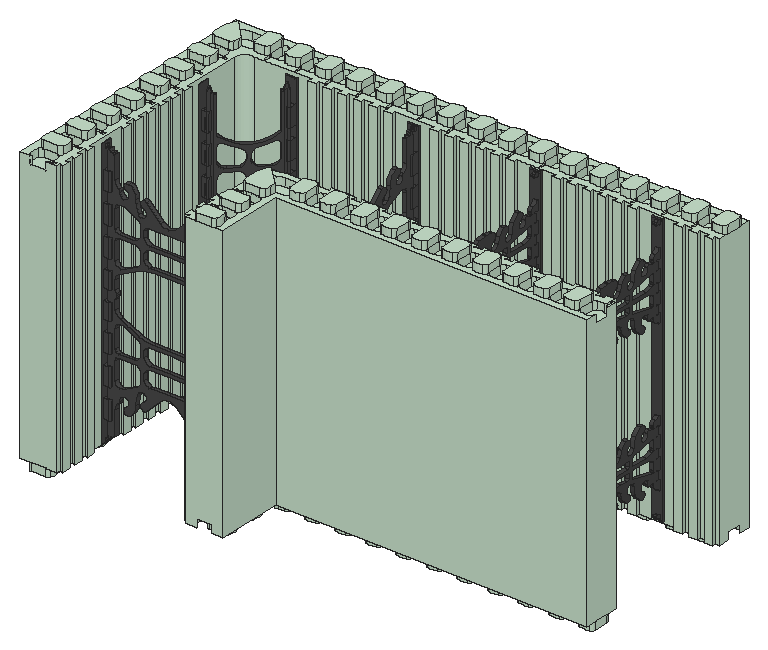
Revit family (continued)
Definition of nested family "8-inch Web"
  Forms (in)
    Extrusion 1, solid, material "Polypropylene"
      sketch origin (0, 0, -0.5) x (0, 1, 0) y (0, 0, 1)
        loop
          line (-1.13325, 12.93471) -> (-0.99061, 13.32155)
          arc (-0.99061, 13.32155) -> (-0.48493, 13.48968) -> (-0.55907, 12.96196) r 0.31353
          arc (-0.55907, 12.96196) -> (-0.73529, 12.69795) -> (-0.53596, 12.45092) r 0.26801
          arc (-0.53596, 12.45092) -> (-0.30102, 12.40366) -> (-0.06182, 12.38886) r 1.75402
          arc (-0.06182, 12.38886) -> (-0.03091, 12.38893) -> (0, 12.38954) r 1.75402
          arc (0, 12.38954) -> (0.03091, 12.38893) -> (0.06182, 12.38886) r 1.75402
          arc (0.06182, 12.38886) -> (0.30102, 12.40366) -> (0.53596, 12.45092) r 1.75402
          arc (0.53596, 12.45092) -> (0.73529, 12.69795) -> (0.55907, 12.96196) r 0.26801
          arc (0.55907, 12.96196) -> (0.48493, 13.48968) -> (0.99061, 13.32155) r 0.31353
          line (0.99061, 13.32155) -> (1.13325, 12.93471)
          arc (1.13325, 12.93471) -> (1.27447, 12.72144) -> (1.47916, 12.56805) r 0.74993
          arc (1.47916, 12.56805) -> (1.7612, 12.66395) -> (1.68267, 12.95131) r 0.21738
          arc (1.68267, 12.95131) -> (1.64814, 13.4949) -> (2.13361, 13.24792) r 0.31353
          arc (2.13361, 13.24792) -> (2.18004, 12.92936) -> (2.26931, 12.62005) r 2.36477
          arc (2.26931, 12.62005) -> (2.42388, 12.38359) -> (2.66153, 12.23085) r 0.67666
          arc (2.66153, 12.23085) -> (2.94751, 12.3534) -> (2.82496, 12.63938) r 0.22
          arc (2.82496, 12.63938) -> (2.80729, 13.20461) -> (3.25886, 12.86419) r 0.31353
          arc (3.25886, 12.86419) -> (3.28181, 12.76256) -> (3.38367, 12.74066) r 0.09677
          arc (3.38367, 12.74066) -> (3.54907, 12.79485) -> (3.72137, 12.81946) r 0.99729
          line (3.72137, 12.81946) -> (3.83556, 12.81946) -> (3.83556, 12.74943) -> (3.77832, 12.74943)
          arc (3.77832, 12.74943) -> (3.73413, 12.73112) -> (3.71582, 12.68693) r 0.0625
          line (3.71582, 12.68693) -> (3.71582, 12.61943)
          arc (3.71582, 12.61943) -> (3.7617, 12.47509) -> (3.88249, 12.38373) r 0.25
          arc (3.88249, 12.38373) -> (4.01183, 12.31528) -> (4.11582, 12.21232) r 0.5
          line (4.11582, 12.21232) -> (4.185, 12.21232) -> (4.185, 12.81193)
          arc (4.185, 12.81193) -> (4.16669, 12.76774) -> (4.1225, 12.74943) r 0.0625
          line (4.1225, 12.74943) -> (3.91022, 12.74943) -> (3.91022, 12.81946) -> (4.02082, 12.81946) -> (4.02082, 13.31943) -> (3.91022, 13.31943) -> (3.91022, 13.38943) -> (4.1225, 13.38943)
          arc (4.1225, 13.38943) -> (4.16669, 13.37112) -> (4.185, 13.32693) r 0.0625
          line (4.185, 13.32693) -> (4.185, 14.11193)
          arc (4.185, 14.11193) -> (4.16669, 14.06774) -> (4.1225, 14.04943) r 0.0625
          line (4.1225, 14.04943) -> (3.91022, 14.04943) -> (3.91022, 14.11943) -> (4.02082, 14.11943) -> (4.02082, 14.61943) -> (3.91022, 14.61943) -> (3.91022, 14.68943) -> (4.1225, 14.68943)
          arc (4.1225, 14.68943) -> (4.16669, 14.67112) -> (4.185, 14.62693) r 0.0625
          line (4.185, 14.62693) -> (4.185, 15.41193)
          arc (4.185, 15.41193) -> (4.16669, 15.36774) -> (4.1225, 15.34943) r 0.0625
          line (4.1225, 15.34943) -> (3.91022, 15.34943) -> (3.91022, 15.41943) -> (4.02082, 15.41943)
        loop
          arc (3.61722, 14.5911) -> (3.66725, 14.61172) -> (3.72082, 14.61943) r 0.21872
          line (3.72082, 14.61943) -> (3.83556, 14.61943) -> (3.83556, 14.68943) -> (3.77832, 14.68943)
          arc (3.77832, 14.68943) -> (3.73413, 14.70774) -> (3.71582, 14.75193) r 0.0625
          line (3.71582, 14.75193) -> (3.71582, 15.28693)
          arc (3.71582, 15.28693) -> (3.73413, 15.33112) -> (3.77832, 15.34943) r 0.0625
          line (3.77832, 15.34943) -> (3.83556, 15.34943) -> (3.83556, 15.41943) -> (3.72082, 15.41943)
          arc (3.72082, 15.41943) -> (2.8612, 15.22018) -> (1.99577, 15.04787) r 28.25303
          arc (1.99577, 15.04787) -> (1.93696, 15.01354) -> (1.91377, 14.9495) r 0.1
          line (1.91377, 14.9495) -> (1.91377, 14.56474)
          arc (1.91377, 14.56474) -> (1.94303, 14.49405) -> (2.0137, 14.46474) r 0.1
          line (2.0137, 14.46474) -> (3.1681, 14.46396)
          arc (3.1681, 14.46396) -> (3.39912, 14.5047) -> (3.61722, 14.5911) r 1.15974
        loop
          line (3.72082, 13.31943) -> (3.83556, 13.31943) -> (3.83556, 13.38943) -> (3.77832, 13.38943)
          arc (3.77832, 13.38943) -> (3.73413, 13.40774) -> (3.71582, 13.45193) r 0.0625
          line (3.71582, 13.45193) -> (3.71582, 13.98693)
          arc (3.71582, 13.98693) -> (3.73413, 14.03112) -> (3.77832, 14.04943) r 0.0625
          line (3.77832, 14.04943) -> (3.83556, 14.04943) -> (3.83556, 14.11943) -> (3.72082, 14.11943)
          arc (3.72082, 14.11943) -> (3.66725, 14.12714) -> (3.61722, 14.14776) r 0.21872
          arc (3.61722, 14.14776) -> (3.39912, 14.23416) -> (3.1681, 14.2749) r 1.15974
          line (3.1681, 14.2749) -> (2.0137, 14.2749)
          arc (2.0137, 14.2749) -> (1.94303, 14.24481) -> (1.91377, 14.17412) r 0.1
          line (1.91377, 14.17412) -> (1.91377, 13.78936)
          arc (1.91377, 13.78936) -> (1.93696, 13.72532) -> (1.99577, 13.69099) r 0.1
          arc (1.99577, 13.69099) -> (2.8612, 13.51868) -> (3.72082, 13.31943) r 28.25303
        loop
          line (4.185, 18.01497) -> (4.185, 18.26376)
          arc (4.185, 18.26376) -> (4.18086, 18.24855) -> (4.16957, 18.23754) r 0.03
          line (4.16957, 18.23754) -> (4.00043, 18.14357)
          arc (4.00043, 18.14357) -> (3.98914, 18.13256) -> (3.985, 18.11735) r 0.03
          line (3.985, 18.11735) -> (3.985, 18.04614)
          arc (3.985, 18.04614) -> (3.99126, 18.03161) -> (4.00611, 18.02617) r 0.02
          line (4.00611, 18.02617) -> (4.16389, 18.03494)
          arc (4.16389, 18.03494) -> (4.17874, 18.0295) -> (4.185, 18.01497) r 0.02
        loop
          arc (-4.185, 18.01497) -> (-4.17874, 18.0295) -> (-4.16389, 18.03494) r 0.02
          line (-4.16389, 18.03494) -> (-4.00611, 18.02617)
          arc (-4.00611, 18.02617) -> (-3.99126, 18.03161) -> (-3.985, 18.04614) r 0.02
          line (-3.985, 18.04614) -> (-3.985, 18.11735)
          arc (-3.985, 18.11735) -> (-3.98914, 18.13256) -> (-4.00043, 18.14357) r 0.03
          line (-4.00043, 18.14357) -> (-4.16957, 18.23754)
          arc (-4.16957, 18.23754) -> (-4.18086, 18.24855) -> (-4.185, 18.26376) r 0.03
          line (-4.185, 18.26376) -> (-4.185, 18.01497)
        loop
          arc (1.64262, 14.9857) -> (1.3631, 14.94624) -> (1.0811, 14.93338) r 2.98393
          line (1.0811, 14.93338) -> (0.43422, 14.93338)
          arc (0.43422, 14.93338) -> (0.1999, 14.69906) -> (0.43422, 14.46474) r 0.23432
          line (0.43422, 14.46474) -> (1.66127, 14.46474)
          arc (1.66127, 14.46474) -> (1.73198, 14.49403) -> (1.76127, 14.56474) r 0.1
          line (1.76127, 14.56474) -> (1.76127, 14.88745)
          arc (1.76127, 14.88745) -> (1.72505, 14.96447) -> (1.64262, 14.9857) r 0.1
        loop
          arc (1.64262, 13.75316) -> (1.72505, 13.77439) -> (1.76127, 13.85141) r 0.1
          line (1.76127, 13.85141) -> (1.76127, 14.17412)
          arc (1.76127, 14.17412) -> (1.73198, 14.24483) -> (1.66127, 14.27412) r 0.1
          line (1.66127, 14.27412) -> (0.43422, 14.27412)
          arc (0.43422, 14.27412) -> (0.1999, 14.0398) -> (0.43422, 13.80548) r 0.23432
          line (0.43422, 13.80548) -> (1.0811, 13.80548)
          arc (1.0811, 13.80548) -> (1.3631, 13.79262) -> (1.64262, 13.75316) r 2.98393
        loop
          arc (-3.61722, 14.5911) -> (-3.39912, 14.5047) -> (-3.1681, 14.46396) r 1.15974
          line (-3.1681, 14.46396) -> (-2.0137, 14.46474)
          arc (-2.0137, 14.46474) -> (-1.94303, 14.49405) -> (-1.91377, 14.56474) r 0.1
          line (-1.91377, 14.56474) -> (-1.91377, 14.9495)
          arc (-1.91377, 14.9495) -> (-1.93696, 15.01354) -> (-1.99577, 15.04787) r 0.1
          arc (-1.99577, 15.04787) -> (-2.8612, 15.22018) -> (-3.72082, 15.41943) r 28.25303
          line (-3.72082, 15.41943) -> (-3.83556, 15.41943) -> (-3.83556, 15.34943) -> (-3.77832, 15.34943)
          arc (-3.77832, 15.34943) -> (-3.73413, 15.33112) -> (-3.71582, 15.28693) r 0.0625
          line (-3.71582, 15.28693) -> (-3.71582, 14.75193)
          arc (-3.71582, 14.75193) -> (-3.73413, 14.70774) -> (-3.77832, 14.68943) r 0.0625
          line (-3.77832, 14.68943) -> (-3.83556, 14.68943) -> (-3.83556, 14.61943) -> (-3.72082, 14.61943)
          arc (-3.72082, 14.61943) -> (-3.66725, 14.61172) -> (-3.61722, 14.5911) r 0.21872
        loop
          arc (-3.72082, 13.31943) -> (-2.8612, 13.51868) -> (-1.99577, 13.69099) r 28.25303
          arc (-1.99577, 13.69099) -> (-1.93696, 13.72532) -> (-1.91377, 13.78936) r 0.1
          line (-1.91377, 13.78936) -> (-1.91377, 14.17412)
          arc (-1.91377, 14.17412) -> (-1.94303, 14.24481) -> (-2.0137, 14.2749) r 0.1
          line (-2.0137, 14.2749) -> (-3.1681, 14.2749)
          arc (-3.1681, 14.2749) -> (-3.39912, 14.23416) -> (-3.61722, 14.14776) r 1.15974
          arc (-3.61722, 14.14776) -> (-3.66725, 14.12714) -> (-3.72082, 14.11943) r 0.21872
          line (-3.72082, 14.11943) -> (-3.83556, 14.11943) -> (-3.83556, 14.04943) -> (-3.77832, 14.04943)
          arc (-3.77832, 14.04943) -> (-3.73413, 14.03112) -> (-3.71582, 13.98693) r 0.0625
          line (-3.71582, 13.98693) -> (-3.71582, 13.45193)
          arc (-3.71582, 13.45193) -> (-3.73413, 13.40774) -> (-3.77832, 13.38943) r 0.0625
          line (-3.77832, 13.38943) -> (-3.83556, 13.38943) -> (-3.83556, 13.31943) -> (-3.72082, 13.31943)
        loop
          arc (-1.64262, 14.9857) -> (-1.72505, 14.96447) -> (-1.76127, 14.88745) r 0.1
          line (-1.76127, 14.88745) -> (-1.76127, 14.56474)
          arc (-1.76127, 14.56474) -> (-1.73198, 14.49403) -> (-1.66127, 14.46474) r 0.1
          line (-1.66127, 14.46474) -> (-0.43422, 14.46474)
          arc (-0.43422, 14.46474) -> (-0.1999, 14.69906) -> (-0.43422, 14.93338) r 0.23432
          line (-0.43422, 14.93338) -> (-1.0811, 14.93338)
          arc (-1.0811, 14.93338) -> (-1.3631, 14.94624) -> (-1.64262, 14.9857) r 2.98393
        loop
          arc (-1.64262, 13.75316) -> (-1.3631, 13.79262) -> (-1.0811, 13.80548) r 2.98393
          line (-1.0811, 13.80548) -> (-0.43422, 13.80548)
          arc (-0.43422, 13.80548) -> (-0.1999, 14.0398) -> (-0.43422, 14.27412) r 0.23432
          line (-0.43422, 14.27412) -> (-1.66127, 14.27412)
          arc (-1.66127, 14.27412) -> (-1.73198, 14.24483) -> (-1.76127, 14.17412) r 0.1
          line (-1.76127, 14.17412) -> (-1.76127, 13.85141)
          arc (-1.76127, 13.85141) -> (-1.72505, 13.77439) -> (-1.64262, 13.75316) r 0.1
        loop
          line (4.02082, 3.58057) -> (3.91022, 3.58057) -> (3.91022, 3.65057) -> (4.1225, 3.65057)
          arc (4.1225, 3.65057) -> (4.16669, 3.63226) -> (4.185, 3.58807) r 0.0625
          line (4.185, 3.58807) -> (4.185, 4.37307)
          arc (4.185, 4.37307) -> (4.16669, 4.32888) -> (4.1225, 4.31057) r 0.0625
          line (4.1225, 4.31057) -> (3.91022, 4.31057) -> (3.91022, 4.38057) -> (4.02082, 4.38057) -> (4.02082, 4.88057) -> (3.91022, 4.88057) -> (3.91022, 4.95057) -> (4.1225, 4.95057)
          arc (4.1225, 4.95057) -> (4.16669, 4.93226) -> (4.185, 4.88807) r 0.0625
          line (4.185, 4.88807) -> (4.185, 5.67307)
          arc (4.185, 5.67307) -> (4.16669, 5.62888) -> (4.1225, 5.61057) r 0.0625
          line (4.1225, 5.61057) -> (3.91022, 5.61057) -> (3.91022, 5.68057) -> (4.02082, 5.68057) -> (4.02082, 6.18054) -> (3.91022, 6.18054) -> (3.91022, 6.25057) -> (4.1225, 6.25057)
          arc (4.1225, 6.25057) -> (4.16669, 6.23226) -> (4.185, 6.18807) r 0.0625
          line (4.185, 6.18807) -> (4.185, 6.78768) -> (4.11582, 6.78768)
          arc (4.11582, 6.78768) -> (4.01183, 6.68472) -> (3.88249, 6.61627) r 0.5
          arc (3.88249, 6.61627) -> (3.7617, 6.52491) -> (3.71582, 6.38057) r 0.25
          line (3.71582, 6.38057) -> (3.71582, 6.31307)
          arc (3.71582, 6.31307) -> (3.73413, 6.26888) -> (3.77832, 6.25057) r 0.0625
          line (3.77832, 6.25057) -> (3.83556, 6.25057) -> (3.83556, 6.18054) -> (3.72137, 6.18054)
          arc (3.72137, 6.18054) -> (3.54907, 6.20515) -> (3.38367, 6.25934) r 0.99729
          arc (3.38367, 6.25934) -> (3.28181, 6.23744) -> (3.25886, 6.13581) r 0.09677
          arc (3.25886, 6.13581) -> (2.80729, 5.79539) -> (2.82496, 6.36062) r 0.31353
          arc (2.82496, 6.36062) -> (2.94751, 6.6466) -> (2.66153, 6.76915) r 0.22
          arc (2.66153, 6.76915) -> (2.42388, 6.61641) -> (2.26931, 6.37995) r 0.67666
          arc (2.26931, 6.37995) -> (2.18004, 6.07064) -> (2.13361, 5.75208) r 2.36477
          arc (2.13361, 5.75208) -> (1.64814, 5.5051) -> (1.68267, 6.04869) r 0.31353
          arc (1.68267, 6.04869) -> (1.7612, 6.33605) -> (1.47916, 6.43195) r 0.21738
          arc (1.47916, 6.43195) -> (1.27447, 6.27856) -> (1.13325, 6.06529) r 0.74993
          line (1.13325, 6.06529) -> (0.99061, 5.67845)
          arc (0.99061, 5.67845) -> (0.48493, 5.51032) -> (0.55907, 6.03804) r 0.31353
          arc (0.55907, 6.03804) -> (0.73529, 6.30205) -> (0.53596, 6.54908) r 0.26801
          arc (0.53596, 6.54908) -> (0.30102, 6.59634) -> (0.06182, 6.61114) r 1.75402
          arc (0.06182, 6.61114) -> (0.03091, 6.61107) -> (0, 6.61046) r 1.75402
          arc (0, 6.61046) -> (-0.03091, 6.61107) -> (-0.06182, 6.61114) r 1.75402
          arc (-0.06182, 6.61114) -> (-0.30102, 6.59634) -> (-0.53596, 6.54908) r 1.75402
          arc (-0.53596, 6.54908) -> (-0.73529, 6.30205) -> (-0.55907, 6.03804) r 0.26801
          arc (-0.55907, 6.03804) -> (-0.48493, 5.51032) -> (-0.99061, 5.67845) r 0.31353
          line (-0.99061, 5.67845) -> (-1.13325, 6.06529)
          arc (-1.13325, 6.06529) -> (-1.27447, 6.27856) -> (-1.47916, 6.43195) r 0.74993
          arc (-1.47916, 6.43195) -> (-1.7612, 6.33605) -> (-1.68267, 6.04869) r 0.21738
          arc (-1.68267, 6.04869) -> (-1.64814, 5.5051) -> (-2.13361, 5.75208) r 0.31353
          arc (-2.13361, 5.75208) -> (-2.18004, 6.07064) -> (-2.26931, 6.37995) r 2.36477
          arc (-2.26931, 6.37995) -> (-2.42388, 6.61641) -> (-2.66153, 6.76915) r 0.67666
          arc (-2.66153, 6.76915) -> (-2.94751, 6.6466) -> (-2.82496, 6.36062) r 0.22
          arc (-2.82496, 6.36062) -> (-2.80729, 5.79539) -> (-3.25886, 6.13581) r 0.31353
          arc (-3.25886, 6.13581) -> (-3.28181, 6.23744) -> (-3.38367, 6.25934) r 0.09677
          arc (-3.38367, 6.25934) -> (-3.54907, 6.20515) -> (-3.72137, 6.18054) r 0.99729
          line (-3.72137, 6.18054) -> (-3.83556, 6.18054) -> (-3.83556, 6.25057) -> (-3.77832, 6.25057)
          arc (-3.77832, 6.25057) -> (-3.73413, 6.26888) -> (-3.71582, 6.31307) r 0.0625
          line (-3.71582, 6.31307) -> (-3.71582, 6.38057)
          arc (-3.71582, 6.38057) -> (-3.7617, 6.52491) -> (-3.88249, 6.61627) r 0.25
          arc (-3.88249, 6.61627) -> (-4.01183, 6.68472) -> (-4.11582, 6.78768) r 0.5
          line (-4.11582, 6.78768) -> (-4.185, 6.78768) -> (-4.185, 6.18807)
          arc (-4.185, 6.18807) -> (-4.16669, 6.23226) -> (-4.1225, 6.25057) r 0.0625
          line (-4.1225, 6.25057) -> (-3.91022, 6.25057) -> (-3.91022, 6.18054) -> (-4.02082, 6.18054) -> (-4.02082, 5.68057) -> (-3.91022, 5.68057) -> (-3.91022, 5.61057) -> (-4.1225, 5.61057)
          arc (-4.1225, 5.61057) -> (-4.16669, 5.62888) -> (-4.185, 5.67307) r 0.0625
          line (-4.185, 5.67307) -> (-4.185, 4.88807)
          arc (-4.185, 4.88807) -> (-4.16669, 4.93226) -> (-4.1225, 4.95057) r 0.0625
          line (-4.1225, 4.95057) -> (-3.91022, 4.95057) -> (-3.91022, 4.88057) -> (-4.02082, 4.88057) -> (-4.02082, 4.38057) -> (-3.91022, 4.38057) -> (-3.91022, 4.31057) -> (-4.1225, 4.31057)
          arc (-4.1225, 4.31057) -> (-4.16669, 4.32888) -> (-4.185, 4.37307) r 0.0625
          line (-4.185, 4.37307) -> (-4.185, 3.58807)
          arc (-4.185, 3.58807) -> (-4.16669, 3.63226) -> (-4.1225, 3.65057) r 0.0625
          line (-4.1225, 3.65057) -> (-3.91022, 3.65057) -> (-3.91022, 3.58057) -> (-4.02082, 3.58057) -> (-4.02082, 3.0806) -> (-3.91022, 3.0806) -> (-3.91022, 3.01057) -> (-4.15332, 3.01057)
          arc (-4.15332, 3.01057) -> (-4.16974, 3.01276) -> (-4.185, 3.01919) r 0.0625
          line (-4.185, 3.01919) -> (-4.185, 2.3463)
          arc (-4.185, 2.3463) -> (-4.06705, 2.52933) -> (-3.88249, 2.64487) r 0.5
          arc (-3.88249, 2.64487) -> (-3.7617, 2.73623) -> (-3.71582, 2.88057) r 0.25
          line (-3.71582, 2.88057) -> (-3.71582, 2.94807)
          arc (-3.71582, 2.94807) -> (-3.73413, 2.99226) -> (-3.77832, 3.01057) r 0.0625
          line (-3.77832, 3.01057) -> (-3.83556, 3.01057) -> (-3.83556, 3.0806) -> (-3.72137, 3.0806)
          arc (-3.72137, 3.0806) -> (-3.54907, 3.05599) -> (-3.38367, 3.0018) r 0.99729
          arc (-3.38367, 3.0018) -> (-3.28181, 3.0237) -> (-3.25886, 3.12533) r 0.09677
          arc (-3.25886, 3.12533) -> (-2.80729, 3.46575) -> (-2.82496, 2.90052) r 0.31353
          arc (-2.82496, 2.90052) -> (-2.94751, 2.61454) -> (-2.66153, 2.49199) r 0.22
          arc (-2.66153, 2.49199) -> (-2.42388, 2.64473) -> (-2.26931, 2.88119) r 0.67666
          arc (-2.26931, 2.88119) -> (-2.18004, 3.1905) -> (-2.13361, 3.50906) r 2.36477
          arc (-2.13361, 3.50906) -> (-1.64814, 3.75604) -> (-1.68267, 3.21245) r 0.31353
          arc (-1.68267, 3.21245) -> (-1.7612, 2.92509) -> (-1.47916, 2.82919) r 0.21738
          arc (-1.47916, 2.82919) -> (-1.27447, 2.98258) -> (-1.13325, 3.19585) r 0.74993
          line (-1.13325, 3.19585) -> (-0.99061, 3.58269)
          arc (-0.99061, 3.58269) -> (-0.48493, 3.75082) -> (-0.55907, 3.2231) r 0.31353
          arc (-0.55907, 3.2231) -> (-0.73529, 2.95909) -> (-0.53596, 2.71206) r 0.26801
          arc (-0.53596, 2.71206) -> (-0.30102, 2.6648) -> (-0.06182, 2.65) r 1.75402
          arc (-0.06182, 2.65) -> (-0.03091, 2.65007) -> (0, 2.65068) r 1.75402
          arc (0, 2.65068) -> (0.03091, 2.65007) -> (0.06182, 2.65) r 1.75402
          arc (0.06182, 2.65) -> (0.30102, 2.6648) -> (0.53596, 2.71206) r 1.75402
          arc (0.53596, 2.71206) -> (0.73529, 2.95909) -> (0.55907, 3.2231) r 0.26801
          arc (0.55907, 3.2231) -> (0.48493, 3.75082) -> (0.99061, 3.58269) r 0.31353
          line (0.99061, 3.58269) -> (1.13325, 3.19585)
          arc (1.13325, 3.19585) -> (1.27447, 2.98258) -> (1.47916, 2.82919) r 0.74993
          arc (1.47916, 2.82919) -> (1.7612, 2.92509) -> (1.68267, 3.21245) r 0.21738
          arc (1.68267, 3.21245) -> (1.64814, 3.75604) -> (2.13361, 3.50906) r 0.31353
          arc (2.13361, 3.50906) -> (2.18004, 3.1905) -> (2.26931, 2.88119) r 2.36477
          arc (2.26931, 2.88119) -> (2.42388, 2.64473) -> (2.66153, 2.49199) r 0.67666
          arc (2.66153, 2.49199) -> (2.94751, 2.61454) -> (2.82496, 2.90052) r 0.22
          arc (2.82496, 2.90052) -> (2.80729, 3.46575) -> (3.25886, 3.12533) r 0.31353
          arc (3.25886, 3.12533) -> (3.28181, 3.0237) -> (3.38367, 3.0018) r 0.09677
          arc (3.38367, 3.0018) -> (3.54907, 3.05599) -> (3.72137, 3.0806) r 0.99729
          line (3.72137, 3.0806) -> (3.83556, 3.0806) -> (3.83556, 3.01057) -> (3.77832, 3.01057)
          arc (3.77832, 3.01057) -> (3.73413, 2.99226) -> (3.71582, 2.94807) r 0.0625
          line (3.71582, 2.94807) -> (3.71582, 2.88057)
          arc (3.71582, 2.88057) -> (3.7617, 2.73623) -> (3.88249, 2.64487) r 0.25
          arc (3.88249, 2.64487) -> (4.06705, 2.52933) -> (4.185, 2.3463) r 0.5
          line (4.185, 2.3463) -> (4.185, 3.01919)
          arc (4.185, 3.01919) -> (4.16974, 3.01276) -> (4.15332, 3.01057) r 0.0625
          line (4.15332, 3.01057) -> (3.91022, 3.01057) -> (3.91022, 3.0806) -> (4.02082, 3.0806) -> (4.02082, 3.58057)
        loop
          arc (3.61722, 4.4089) -> (3.39912, 4.4953) -> (3.1681, 4.53604) r 1.15974
          line (3.1681, 4.53604) -> (2.0137, 4.53526)
          arc (2.0137, 4.53526) -> (1.94303, 4.50595) -> (1.91377, 4.43526) r 0.1
          line (1.91377, 4.43526) -> (1.91377, 4.0505)
          arc (1.91377, 4.0505) -> (1.93696, 3.98646) -> (1.99577, 3.95213) r 0.1
          arc (1.99577, 3.95213) -> (2.8612, 3.77982) -> (3.72082, 3.58057) r 28.25303
          line (3.72082, 3.58057) -> (3.83556, 3.58057) -> (3.83556, 3.65057) -> (3.77832, 3.65057)
          arc (3.77832, 3.65057) -> (3.73413, 3.66888) -> (3.71582, 3.71307) r 0.0625
          line (3.71582, 3.71307) -> (3.71582, 4.24807)
          arc (3.71582, 4.24807) -> (3.73413, 4.29226) -> (3.77832, 4.31057) r 0.0625
          line (3.77832, 4.31057) -> (3.83556, 4.31057) -> (3.83556, 4.38057) -> (3.72082, 4.38057)
          arc (3.72082, 4.38057) -> (3.66725, 4.38828) -> (3.61722, 4.4089) r 0.21872
        loop
          arc (3.72082, 5.68057) -> (2.8612, 5.48132) -> (1.99577, 5.30901) r 28.25303
          arc (1.99577, 5.30901) -> (1.93696, 5.27468) -> (1.91377, 5.21064) r 0.1
          line (1.91377, 5.21064) -> (1.91377, 4.82588)
          arc (1.91377, 4.82588) -> (1.94303, 4.75519) -> (2.0137, 4.7251) r 0.1
          line (2.0137, 4.7251) -> (3.1681, 4.7251)
          arc (3.1681, 4.7251) -> (3.39912, 4.76584) -> (3.61722, 4.85224) r 1.15974
          arc (3.61722, 4.85224) -> (3.66725, 4.87286) -> (3.72082, 4.88057) r 0.21872
          line (3.72082, 4.88057) -> (3.83556, 4.88057) -> (3.83556, 4.95057) -> (3.77832, 4.95057)
          arc (3.77832, 4.95057) -> (3.73413, 4.96888) -> (3.71582, 5.01307) r 0.0625
          line (3.71582, 5.01307) -> (3.71582, 5.54807)
          arc (3.71582, 5.54807) -> (3.73413, 5.59226) -> (3.77832, 5.61057) r 0.0625
          line (3.77832, 5.61057) -> (3.83556, 5.61057) -> (3.83556, 5.68057) -> (3.72082, 5.68057)
        loop
          arc (1.64262, 4.0143) -> (1.72505, 4.03553) -> (1.76127, 4.11255) r 0.1
          line (1.76127, 4.11255) -> (1.76127, 4.43526)
          arc (1.76127, 4.43526) -> (1.73198, 4.50597) -> (1.66127, 4.53526) r 0.1
          line (1.66127, 4.53526) -> (0.43422, 4.53526)
          arc (0.43422, 4.53526) -> (0.1999, 4.30094) -> (0.43422, 4.06662) r 0.23432
          line (0.43422, 4.06662) -> (1.0811, 4.06662)
          arc (1.0811, 4.06662) -> (1.3631, 4.05376) -> (1.64262, 4.0143) r 2.98393
        loop
          arc (1.64262, 5.24684) -> (1.3631, 5.20738) -> (1.0811, 5.19452) r 2.98393
          line (1.0811, 5.19452) -> (0.43422, 5.19452)
          arc (0.43422, 5.19452) -> (0.1999, 4.9602) -> (0.43422, 4.72588) r 0.23432
          line (0.43422, 4.72588) -> (1.66127, 4.72588)
          arc (1.66127, 4.72588) -> (1.73198, 4.75517) -> (1.76127, 4.82588) r 0.1
          line (1.76127, 4.82588) -> (1.76127, 5.14859)
          arc (1.76127, 5.14859) -> (1.72505, 5.22561) -> (1.64262, 5.24684) r 0.1
        loop
          arc (-3.61722, 4.4089) -> (-3.66725, 4.38828) -> (-3.72082, 4.38057) r 0.21872
          line (-3.72082, 4.38057) -> (-3.83556, 4.38057) -> (-3.83556, 4.31057) -> (-3.77832, 4.31057)
          arc (-3.77832, 4.31057) -> (-3.73413, 4.29226) -> (-3.71582, 4.24807) r 0.0625
          line (-3.71582, 4.24807) -> (-3.71582, 3.71307)
          arc (-3.71582, 3.71307) -> (-3.73413, 3.66888) -> (-3.77832, 3.65057) r 0.0625
          line (-3.77832, 3.65057) -> (-3.83556, 3.65057) -> (-3.83556, 3.58057) -> (-3.72082, 3.58057)
          arc (-3.72082, 3.58057) -> (-2.8612, 3.77982) -> (-1.99577, 3.95213) r 28.25303
          arc (-1.99577, 3.95213) -> (-1.93696, 3.98646) -> (-1.91377, 4.0505) r 0.1
          line (-1.91377, 4.0505) -> (-1.91377, 4.43526)
          arc (-1.91377, 4.43526) -> (-1.94303, 4.50595) -> (-2.0137, 4.53526) r 0.1
          line (-2.0137, 4.53526) -> (-3.1681, 4.53604)
          arc (-3.1681, 4.53604) -> (-3.39912, 4.4953) -> (-3.61722, 4.4089) r 1.15974
        loop
          line (-3.72082, 5.68057) -> (-3.83556, 5.68057) -> (-3.83556, 5.61057) -> (-3.77832, 5.61057)
          arc (-3.77832, 5.61057) -> (-3.73413, 5.59226) -> (-3.71582, 5.54807) r 0.0625
          line (-3.71582, 5.54807) -> (-3.71582, 5.01307)
          arc (-3.71582, 5.01307) -> (-3.73413, 4.96888) -> (-3.77832, 4.95057) r 0.0625
          line (-3.77832, 4.95057) -> (-3.83556, 4.95057) -> (-3.83556, 4.88057) -> (-3.72082, 4.88057)
          arc (-3.72082, 4.88057) -> (-3.66725, 4.87286) -> (-3.61722, 4.85224) r 0.21872
          arc (-3.61722, 4.85224) -> (-3.39912, 4.76584) -> (-3.1681, 4.7251) r 1.15974
          line (-3.1681, 4.7251) -> (-2.0137, 4.7251)
          arc (-2.0137, 4.7251) -> (-1.94303, 4.75519) -> (-1.91377, 4.82588) r 0.1
          line (-1.91377, 4.82588) -> (-1.91377, 5.21064)
          arc (-1.91377, 5.21064) -> (-1.93696, 5.27468) -> (-1.99577, 5.30901) r 0.1
          arc (-1.99577, 5.30901) -> (-2.8612, 5.48132) -> (-3.72082, 5.68057) r 28.25303
        loop
          arc (-1.64262, 4.0143) -> (-1.3631, 4.05376) -> (-1.0811, 4.06662) r 2.98393
          line (-1.0811, 4.06662) -> (-0.43422, 4.06662)
          arc (-0.43422, 4.06662) -> (-0.1999, 4.30094) -> (-0.43422, 4.53526) r 0.23432
          line (-0.43422, 4.53526) -> (-1.66127, 4.53526)
          arc (-1.66127, 4.53526) -> (-1.73198, 4.50597) -> (-1.76127, 4.43526) r 0.1
          line (-1.76127, 4.43526) -> (-1.76127, 4.11255)
          arc (-1.76127, 4.11255) -> (-1.72505, 4.03553) -> (-1.64262, 4.0143) r 0.1
        loop
          arc (-1.64262, 5.24684) -> (-1.72505, 5.22561) -> (-1.76127, 5.14859) r 0.1
          line (-1.76127, 5.14859) -> (-1.76127, 4.82588)
          arc (-1.76127, 4.82588) -> (-1.73198, 4.75517) -> (-1.66127, 4.72588) r 0.1
          line (-1.66127, 4.72588) -> (-0.43422, 4.72588)
          arc (-0.43422, 4.72588) -> (-0.1999, 4.9602) -> (-0.43422, 5.19452) r 0.23432
          line (-0.43422, 5.19452) -> (-1.0811, 5.19452)
          arc (-1.0811, 5.19452) -> (-1.3631, 5.20738) -> (-1.64262, 5.24684) r 2.98393
      from -0.125 to 0.125
    Extrusion 2, solid, material "Polypropylene"
      sketch origin (0, 0, 0) x (0, 1, 0) y (0, 0, 1)
        loop
          line (4.185, 17.8125) -> (4.185, 0.1875)
          arc (4.185, 0.1875) -> (4.2042, 0.14243) -> (4.25, 0.12505) r 0.0625
          arc (4.25, 0.12505) -> (4.2958, 0.14243) -> (4.315, 0.1875) r 0.0625
          line (4.315, 0.1875) -> (4.315, 17.8125)
          arc (4.315, 17.8125) -> (4.2958, 17.85757) -> (4.25, 17.87495) r 0.0625
          arc (4.25, 17.87495) -> (4.2042, 17.85757) -> (4.185, 17.8125) r 0.0625
        loop
          arc (-4.185, 17.8125) -> (-4.2042, 17.85757) -> (-4.25, 17.87495) r 0.0625
          arc (-4.25, 17.87495) -> (-4.2958, 17.85757) -> (-4.315, 17.8125) r 0.0625
          line (-4.315, 17.8125) -> (-4.315, 0.1875)
          arc (-4.315, 0.1875) -> (-4.2958, 0.14243) -> (-4.25, 0.12505) r 0.0625
          arc (-4.25, 0.12505) -> (-4.2042, 0.14243) -> (-4.185, 0.1875) r 0.0625
          line (-4.185, 0.1875) -> (-4.185, 17.8125)
      from -0.36328 to 0.36328
Definition of nested family "8-inch Insert Web"
  Reference planes (in)
    plane 1 "Center (Front/Back)": y = 0
    plane 2: z = 0
    plane 3 "Center (Left/Right)": x = 0
  Forms (in)
    Extrusion 1, solid, material "High Density Polystyrene"
      sketch origin (0, 0, 0) x (0, 1, 0) y (0, 0, 1)
        loop
          line (4.25, 0) -> (4.25, 17.74583)
          arc (4.25, 17.74583) -> (4.22112, 17.72608) -> (4.21, 17.69292) r 0.055
          line (4.21, 17.69292) -> (4.21, 0.05292)
          arc (4.21, 0.05292) -> (4.22112, 0.01975) -> (4.25, 0) r 0.055
        loop
          arc (-4.25, 0) -> (-4.22112, 0.01975) -> (-4.21, 0.05292) r 0.055
          line (-4.21, 0.05292) -> (-4.21, 17.69292)
          arc (-4.21, 17.69292) -> (-4.22112, 17.72608) -> (-4.25, 17.74583) r 0.055
          line (-4.25, 17.74583) -> (-4.25, 0)
      from 0.36328 to -0.36328
    Extrusion 2, solid, material "High Density Polystyrene"
      sketch origin (0, 0, 0) x (0, 1, 0) y (0, 0, 1)
        loop
          arc (4.18889, 17.40785) -> (4.20374, 17.40241) -> (4.21, 17.38789) r 0.02
          line (4.21, 17.38789) -> (4.21, 17.63668)
          arc (4.21, 17.63668) -> (4.20585, 17.62147) -> (4.19457, 17.61045) r 0.03
          line (4.19457, 17.61045) -> (4.12543, 17.57204)
          arc (4.12543, 17.57204) -> (4.11414, 17.56103) -> (4.11, 17.54582) r 0.03
          line (4.11, 17.54582) -> (4.11, 17.42461)
          arc (4.11, 17.42461) -> (4.11625, 17.41008) -> (4.13111, 17.40464) r 0.02
          line (4.13111, 17.40464) -> (4.18889, 17.40785)
        loop
          line (-4.12543, 17.57204) -> (-4.19457, 17.61045)
          arc (-4.19457, 17.61045) -> (-4.20585, 17.62147) -> (-4.21, 17.63668) r 0.03
          line (-4.21, 17.63668) -> (-4.21, 17.38789)
          arc (-4.21, 17.38789) -> (-4.20374, 17.40241) -> (-4.18889, 17.40785) r 0.02
          line (-4.18889, 17.40785) -> (-4.13111, 17.40464)
          arc (-4.13111, 17.40464) -> (-4.11625, 17.41008) -> (-4.11, 17.42461) r 0.02
          line (-4.11, 17.42461) -> (-4.11, 17.54582)
          arc (-4.11, 17.54582) -> (-4.11414, 17.56103) -> (-4.12543, 17.57204) r 0.03
        loop
          line (4.18889, 0.33798) -> (4.13111, 0.34119)
          arc (4.13111, 0.34119) -> (4.11625, 0.33575) -> (4.11, 0.32122) r 0.02
          line (4.11, 0.32122) -> (4.11, 0.20001)
          arc (4.11, 0.20001) -> (4.11414, 0.1848) -> (4.12543, 0.17379) r 0.03
          line (4.12543, 0.17379) -> (4.19457, 0.13538)
          arc (4.19457, 0.13538) -> (4.20585, 0.12437) -> (4.21, 0.10915) r 0.03
          line (4.21, 0.10915) -> (4.21, 0.35795)
          arc (4.21, 0.35795) -> (4.20374, 0.34342) -> (4.18889, 0.33798) r 0.02
        loop
          arc (-4.12543, 0.17379) -> (-4.11414, 0.1848) -> (-4.11, 0.20001) r 0.03
          line (-4.11, 0.20001) -> (-4.11, 0.32122)
          arc (-4.11, 0.32122) -> (-4.11625, 0.33575) -> (-4.13111, 0.34119) r 0.02
          line (-4.13111, 0.34119) -> (-4.18889, 0.33798)
          arc (-4.18889, 0.33798) -> (-4.20374, 0.34342) -> (-4.21, 0.35795) r 0.02
          line (-4.21, 0.35795) -> (-4.21, 0.10915)
          arc (-4.21, 0.10915) -> (-4.20585, 0.12437) -> (-4.19457, 0.13538) r 0.03
          line (-4.19457, 0.13538) -> (-4.12543, 0.17379)
        loop
          line (4, 17.20772) -> (3.925, 17.43772)
          arc (3.925, 17.43772) -> (3.875, 17.46772) -> (3.825, 17.43772) r 0.05667
          line (3.825, 17.43772) -> (3.77609, 17.28772) -> (3.64893, 17.28772)
          arc (3.64893, 17.28772) -> (3.61433, 17.27339) -> (3.6, 17.2388) r 0.04893
          line (3.6, 17.2388) -> (3.6, 17.20772) -> (3.5, 17.20772) -> (3.5, 15.75595)
          arc (3.5, 15.75595) -> (3.43087, 15.489) -> (3.24086, 15.28915) r 0.55
          arc (3.24086, 15.28915) -> (3.19232, 15.23289) -> (3.1843, 15.15901) r 0.125
          arc (3.1843, 15.15901) -> (2.73923, 14.83241) -> (2.77171, 15.3835) r 0.305
          arc (2.77171, 15.3835) -> (2.89426, 15.66948) -> (2.60829, 15.79202) r 0.22
          arc (2.60829, 15.79202) -> (2.25428, 15.49683) -> (2.14171, 15.04986) r 0.745
          arc (2.14171, 15.04986) -> (2.09808, 14.63491) -> (1.96932, 14.23805) r 2
          arc (1.96932, 14.23805) -> (1.47025, 14.23431) -> (1.63581, 14.70513) r 0.305
          arc (1.63581, 14.70513) -> (1.78874, 15.03658) -> (1.43743, 15.1357) r 0.24
          line (1.43743, 15.1357) -> (0.53033, 14.22861)
          arc (0.53033, 14.22861) -> (0, 14.00894) -> (-0.53033, 14.22861) r 0.75
          line (-0.53033, 14.22861) -> (-1.43743, 15.1357)
          arc (-1.43743, 15.1357) -> (-1.78874, 15.03658) -> (-1.63581, 14.70513) r 0.24
          arc (-1.63581, 14.70513) -> (-1.47025, 14.23431) -> (-1.96932, 14.23805) r 0.305
          arc (-1.96932, 14.23805) -> (-2.09808, 14.63491) -> (-2.14171, 15.04986) r 2
          arc (-2.14171, 15.04986) -> (-2.25428, 15.49683) -> (-2.60829, 15.79202) r 0.745
          arc (-2.60829, 15.79202) -> (-2.89426, 15.66948) -> (-2.77171, 15.3835) r 0.22
          arc (-2.77171, 15.3835) -> (-2.73923, 14.83241) -> (-3.1843, 15.15901) r 0.305
          arc (-3.1843, 15.15901) -> (-3.19232, 15.23289) -> (-3.24086, 15.28915) r 0.125
          arc (-3.24086, 15.28915) -> (-3.43087, 15.489) -> (-3.5, 15.75595) r 0.55
          line (-3.5, 15.75595) -> (-3.5, 17.20772) -> (-3.6, 17.20772) -> (-3.6, 17.2388)
          arc (-3.6, 17.2388) -> (-3.61433, 17.27339) -> (-3.64893, 17.28772) r 0.04893
          line (-3.64893, 17.28772) -> (-3.77609, 17.28772) -> (-3.825, 17.43772)
          arc (-3.825, 17.43772) -> (-3.875, 17.46772) -> (-3.925, 17.43772) r 0.05667
          line (-3.925, 17.43772) -> (-4, 17.20772) -> (-4, 0.66519) -> (-3.925, 0.43519)
          arc (-3.925, 0.43519) -> (-3.875, 0.40519) -> (-3.825, 0.43519) r 0.05667
          line (-3.825, 0.43519) -> (-3.77609, 0.58519) -> (-3.64893, 0.58519)
          arc (-3.64893, 0.58519) -> (-3.61433, 0.59952) -> (-3.6, 0.63412) r 0.04893
          line (-3.6, 0.63412) -> (-3.6, 0.66519) -> (-3.5, 0.66519) -> (-3.5, 2.24405)
          arc (-3.5, 2.24405) -> (-3.43087, 2.511) -> (-3.24086, 2.71085) r 0.55
          arc (-3.24086, 2.71085) -> (-3.19232, 2.76711) -> (-3.1843, 2.84099) r 0.125
          arc (-3.1843, 2.84099) -> (-2.73923, 3.16759) -> (-2.77171, 2.6165) r 0.305
          arc (-2.77171, 2.6165) -> (-2.89426, 2.33052) -> (-2.60829, 2.20798) r 0.22
          arc (-2.60829, 2.20798) -> (-2.25428, 2.50317) -> (-2.14171, 2.95014) r 0.745
          arc (-2.14171, 2.95014) -> (-2.09808, 3.36509) -> (-1.96932, 3.76195) r 2
          arc (-1.96932, 3.76195) -> (-1.47025, 3.76569) -> (-1.63581, 3.29487) r 0.305
          arc (-1.63581, 3.29487) -> (-1.78874, 2.96342) -> (-1.43743, 2.8643) r 0.24
          line (-1.43743, 2.8643) -> (-0.53033, 3.77139)
          arc (-0.53033, 3.77139) -> (0, 3.99106) -> (0.53033, 3.77139) r 0.75
          line (0.53033, 3.77139) -> (1.43743, 2.8643)
          arc (1.43743, 2.8643) -> (1.78874, 2.96342) -> (1.63581, 3.29487) r 0.24
          arc (1.63581, 3.29487) -> (1.47025, 3.76569) -> (1.96932, 3.76195) r 0.305
          arc (1.96932, 3.76195) -> (2.09808, 3.36509) -> (2.14171, 2.95014) r 2
          arc (2.14171, 2.95014) -> (2.25428, 2.50317) -> (2.60829, 2.20798) r 0.745
          arc (2.60829, 2.20798) -> (2.89426, 2.33052) -> (2.77171, 2.6165) r 0.22
          arc (2.77171, 2.6165) -> (2.73923, 3.16759) -> (3.1843, 2.84099) r 0.305
          arc (3.1843, 2.84099) -> (3.19232, 2.76711) -> (3.24086, 2.71085) r 0.125
          arc (3.24086, 2.71085) -> (3.43087, 2.511) -> (3.5, 2.24405) r 0.55
          line (3.5, 2.24405) -> (3.5, 0.66519) -> (3.6, 0.66519) -> (3.6, 0.63412)
          arc (3.6, 0.63412) -> (3.61433, 0.59952) -> (3.64893, 0.58519) r 0.04893
          line (3.64893, 0.58519) -> (3.77609, 0.58519) -> (3.825, 0.43519)
          arc (3.825, 0.43519) -> (3.875, 0.40519) -> (3.925, 0.43519) r 0.05667
          line (3.925, 0.43519) -> (4, 0.66519) -> (4, 17.20772)
        loop
          line (2.96605, 14.38264) -> (2.08806, 13.97174)
          arc (2.08806, 13.97174) -> (1.87812, 13.78724) -> (1.8, 13.51888) r 0.5
          line (1.8, 13.51888) -> (1.8, 13.10798)
          arc (1.8, 13.10798) -> (1.94645, 12.75443) -> (2.3, 12.60798) r 0.5
          line (2.3, 12.60798) -> (3.25, 12.60798)
          arc (3.25, 12.60798) -> (3.42678, 12.6812) -> (3.5, 12.85798) r 0.25
          line (3.5, 12.85798) -> (3.5, 14.04299)
          arc (3.5, 14.04299) -> (3.32627, 14.35941) -> (2.96605, 14.38264) r 0.375
        loop
          line (1.6, 12.98298) -> (1.6, 13.39222)
          arc (1.6, 13.39222) -> (1.48146, 13.58635) -> (1.30123, 13.72512) r 0.62421
          arc (1.30123, 13.72512) -> (1.16288, 13.71227) -> (1.02401, 13.70798) r 2.25
          line (1.02401, 13.70798) -> (0, 13.70798) -> (-1.02401, 13.70798)
          arc (-1.02401, 13.70798) -> (-1.16288, 13.71227) -> (-1.30123, 13.72512) r 2.25
          arc (-1.30123, 13.72512) -> (-1.48146, 13.58635) -> (-1.6, 13.39222) r 0.62421
          line (-1.6, 13.39222) -> (-1.6, 12.98298)
          arc (-1.6, 12.98298) -> (-1.45481, 12.75317) -> (-1.225, 12.60798) r 0.61747
          line (-1.225, 12.60798) -> (0, 12.60798) -> (1.225, 12.60798)
          arc (1.225, 12.60798) -> (1.45481, 12.75317) -> (1.6, 12.98298) r 0.61747
        loop
          line (-2.08806, 13.97174) -> (-2.96605, 14.38264)
          arc (-2.96605, 14.38264) -> (-3.32627, 14.35941) -> (-3.5, 14.04299) r 0.375
          line (-3.5, 14.04299) -> (-3.5, 12.85798)
          arc (-3.5, 12.85798) -> (-3.42678, 12.6812) -> (-3.25, 12.60798) r 0.25
          line (-3.25, 12.60798) -> (-2.3, 12.60798)
          arc (-2.3, 12.60798) -> (-1.94645, 12.75443) -> (-1.8, 13.10798) r 0.5
          line (-1.8, 13.10798) -> (-1.8, 13.41478) -> (-1.8, 13.51888)
          arc (-1.8, 13.51888) -> (-1.87812, 13.78724) -> (-2.08806, 13.97174) r 0.5
        loop
          arc (2.96605, 10.65332) -> (3.32627, 10.67655) -> (3.5, 10.99296) r 0.375
          line (3.5, 10.99296) -> (3.5, 12.17798)
          arc (3.5, 12.17798) -> (3.42678, 12.35476) -> (3.25, 12.42798) r 0.25
          line (3.25, 12.42798) -> (2.3, 12.42798)
          arc (2.3, 12.42798) -> (1.94645, 12.28153) -> (1.8, 11.92798) r 0.5
          line (1.8, 11.92798) -> (1.8, 11.51707)
          arc (1.8, 11.51707) -> (1.87812, 11.24872) -> (2.08806, 11.06421) r 0.5
          line (2.08806, 11.06421) -> (2.96605, 10.65332)
        loop
          arc (1.6, 12.05298) -> (1.45481, 12.28279) -> (1.225, 12.42798) r 0.61747
          line (1.225, 12.42798) -> (0, 12.42798) -> (-1.225, 12.42798)
          arc (-1.225, 12.42798) -> (-1.45481, 12.28279) -> (-1.6, 12.05298) r 0.61747
          line (-1.6, 12.05298) -> (-1.6, 11.64374)
          arc (-1.6, 11.64374) -> (-1.48146, 11.4496) -> (-1.30123, 11.31084) r 0.62421
          arc (-1.30123, 11.31084) -> (-1.16288, 11.32369) -> (-1.02401, 11.32798) r 2.25
          line (-1.02401, 11.32798) -> (0, 11.32798) -> (1.02401, 11.32798)
          arc (1.02401, 11.32798) -> (1.16288, 11.32369) -> (1.30123, 11.31084) r 2.25
          arc (1.30123, 11.31084) -> (1.48146, 11.4496) -> (1.6, 11.64374) r 0.62421
          line (1.6, 11.64374) -> (1.6, 12.05298)
        loop
          arc (-2.08806, 11.06421) -> (-1.87812, 11.24872) -> (-1.8, 11.51707) r 0.5
          line (-1.8, 11.51707) -> (-1.8, 11.62118) -> (-1.8, 11.92798)
          arc (-1.8, 11.92798) -> (-1.94645, 12.28153) -> (-2.3, 12.42798) r 0.5
          line (-2.3, 12.42798) -> (-3.25, 12.42798)
          arc (-3.25, 12.42798) -> (-3.42678, 12.35476) -> (-3.5, 12.17798) r 0.25
          line (-3.5, 12.17798) -> (-3.5, 10.99296)
          arc (-3.5, 10.99296) -> (-3.32627, 10.67655) -> (-2.96605, 10.65332) r 0.375
          line (-2.96605, 10.65332) -> (-2.08806, 11.06421)
        loop
          line (3.21194, 10.33912) -> (1.95372, 10.92796)
          arc (1.95372, 10.92796) -> (1.48851, 11.08642) -> (1, 11.14009) r 2.25
          line (1, 11.14009) -> (0, 11.14009) -> (-1, 11.14009)
          arc (-1, 11.14009) -> (-1.48851, 11.08642) -> (-1.95372, 10.92796) r 2.25
          line (-1.95372, 10.92796) -> (-3.21194, 10.33912)
          arc (-3.21194, 10.33912) -> (-3.42188, 10.15462) -> (-3.5, 9.88626) r 0.5
          line (-3.5, 9.88626) -> (-3.5, 9.31235) -> (-3.38, 9.11235) -> (-3.38, 9) -> (-3.38, 8.88765) -> (-3.5, 8.68765) -> (-3.5, 8.11374)
          arc (-3.5, 8.11374) -> (-3.42188, 7.84538) -> (-3.21194, 7.66088) r 0.5
          line (-3.21194, 7.66088) -> (-1.95372, 7.07204)
          arc (-1.95372, 7.07204) -> (-1.48851, 6.91358) -> (-1, 6.85991) r 2.25
          line (-1, 6.85991) -> (0, 6.85991) -> (1, 6.85991)
          arc (1, 6.85991) -> (1.48851, 6.91358) -> (1.95372, 7.07204) r 2.25
          line (1.95372, 7.07204) -> (3.21194, 7.66088)
          arc (3.21194, 7.66088) -> (3.42188, 7.84538) -> (3.5, 8.11374) r 0.5
          line (3.5, 8.11374) -> (3.5, 8.68765) -> (3.38, 8.88765) -> (3.38, 9) -> (3.38, 9.11235) -> (3.5, 9.31235) -> (3.5, 9.88626)
          arc (3.5, 9.88626) -> (3.42188, 10.15462) -> (3.21194, 10.33912) r 0.5
        loop
          arc (2.96605, 3.61736) -> (3.32627, 3.64059) -> (3.5, 3.95701) r 0.375
          line (3.5, 3.95701) -> (3.5, 5.14202)
          arc (3.5, 5.14202) -> (3.42678, 5.3188) -> (3.25, 5.39202) r 0.25
          line (3.25, 5.39202) -> (2.3, 5.39202)
          arc (2.3, 5.39202) -> (1.94645, 5.24557) -> (1.8, 4.89202) r 0.5
          line (1.8, 4.89202) -> (1.8, 4.48112)
          arc (1.8, 4.48112) -> (1.87812, 4.21276) -> (2.08806, 4.02826) r 0.5
          line (2.08806, 4.02826) -> (2.96605, 3.61736)
        loop
          arc (1.6, 5.01702) -> (1.45481, 5.24683) -> (1.225, 5.39202) r 0.61747
          line (1.225, 5.39202) -> (0, 5.39202) -> (-1.225, 5.39202)
          arc (-1.225, 5.39202) -> (-1.45481, 5.24683) -> (-1.6, 5.01702) r 0.61747
          line (-1.6, 5.01702) -> (-1.6, 4.60778)
          arc (-1.6, 4.60778) -> (-1.48146, 4.41365) -> (-1.30123, 4.27488) r 0.62421
          arc (-1.30123, 4.27488) -> (-1.16288, 4.28773) -> (-1.02401, 4.29202) r 2.25
          line (-1.02401, 4.29202) -> (0, 4.29202) -> (1.02401, 4.29202)
          arc (1.02401, 4.29202) -> (1.16288, 4.28773) -> (1.30123, 4.27488) r 2.25
          arc (1.30123, 4.27488) -> (1.48146, 4.41365) -> (1.6, 4.60778) r 0.62421
          line (1.6, 4.60778) -> (1.6, 5.01702)
        loop
          arc (-2.08806, 4.02826) -> (-1.87812, 4.21276) -> (-1.8, 4.48112) r 0.5
          line (-1.8, 4.48112) -> (-1.8, 4.58522) -> (-1.8, 4.89202)
          arc (-1.8, 4.89202) -> (-1.94645, 5.24557) -> (-2.3, 5.39202) r 0.5
          line (-2.3, 5.39202) -> (-3.25, 5.39202)
          arc (-3.25, 5.39202) -> (-3.42678, 5.3188) -> (-3.5, 5.14202) r 0.25
          line (-3.5, 5.14202) -> (-3.5, 3.95701)
          arc (-3.5, 3.95701) -> (-3.32627, 3.64059) -> (-2.96605, 3.61736) r 0.375
          line (-2.96605, 3.61736) -> (-2.08806, 4.02826)
        loop
          line (2.96605, 7.34668) -> (2.08806, 6.93579)
          arc (2.08806, 6.93579) -> (1.87812, 6.75128) -> (1.8, 6.48293) r 0.5
          line (1.8, 6.48293) -> (1.8, 6.07202)
          arc (1.8, 6.07202) -> (1.94645, 5.71847) -> (2.3, 5.57202) r 0.5
          line (2.3, 5.57202) -> (3.25, 5.57202)
          arc (3.25, 5.57202) -> (3.42678, 5.64524) -> (3.5, 5.82202) r 0.25
          line (3.5, 5.82202) -> (3.5, 7.00704)
          arc (3.5, 7.00704) -> (3.32627, 7.32345) -> (2.96605, 7.34668) r 0.375
        loop
          line (1.6, 5.94702) -> (1.6, 6.35626)
          arc (1.6, 6.35626) -> (1.48146, 6.5504) -> (1.30123, 6.68916) r 0.62421
          arc (1.30123, 6.68916) -> (1.16288, 6.67631) -> (1.02401, 6.67202) r 2.25
          line (1.02401, 6.67202) -> (0, 6.67202) -> (-1.02401, 6.67202)
          arc (-1.02401, 6.67202) -> (-1.16288, 6.67631) -> (-1.30123, 6.68916) r 2.25
          arc (-1.30123, 6.68916) -> (-1.48146, 6.5504) -> (-1.6, 6.35626) r 0.62421
          line (-1.6, 6.35626) -> (-1.6, 5.94702)
          arc (-1.6, 5.94702) -> (-1.45481, 5.71721) -> (-1.225, 5.57202) r 0.61747
          line (-1.225, 5.57202) -> (0, 5.57202) -> (1.225, 5.57202)
          arc (1.225, 5.57202) -> (1.45481, 5.71721) -> (1.6, 5.94702) r 0.61747
        loop
          line (-2.08806, 6.93579) -> (-2.96605, 7.34668)
          arc (-2.96605, 7.34668) -> (-3.32627, 7.32345) -> (-3.5, 7.00704) r 0.375
          line (-3.5, 7.00704) -> (-3.5, 5.82202)
          arc (-3.5, 5.82202) -> (-3.42678, 5.64524) -> (-3.25, 5.57202) r 0.25
          line (-3.25, 5.57202) -> (-2.3, 5.57202)
          arc (-2.3, 5.57202) -> (-1.94645, 5.71847) -> (-1.8, 6.07202) r 0.5
          line (-1.8, 6.07202) -> (-1.8, 6.37882) -> (-1.8, 6.48293)
          arc (-1.8, 6.48293) -> (-1.87812, 6.75128) -> (-2.08806, 6.93579) r 0.5
      from 0.125 to -0.125
    Extrusion 3, solid, material "High Density Polystyrene"
      sketch origin (0, 0, 0) x (0, 1, 0) y (0, 0, 1)
        loop
          line (4.21, 16.17792) -> (3.71, 16.17792) -> (3.71, 14.97792) -> (4.21, 14.97792) -> (4.21, 16.17792)
        loop
          line (4.21, 14.22792) -> (3.71, 14.22792) -> (3.71, 13.02792) -> (4.21, 13.02792) -> (4.21, 14.22792)
        loop
          line (4.21, 12.27792) -> (3.71, 12.27792) -> (3.71, 11.07792) -> (4.21, 11.07792) -> (4.21, 12.27792)
        loop
          line (4.21, 10.32792) -> (3.71, 10.32792) -> (3.71, 9.24792) -> (4.21, 9.24792) -> (4.21, 10.32792)
        loop
          line (4.21, 8.49792) -> (3.71, 8.49792) -> (3.71, 7.41792) -> (4.21, 7.41792) -> (4.21, 8.49792)
        loop
          line (4.21, 6.66792) -> (3.71, 6.66792) -> (3.71, 5.46792) -> (4.21, 5.46792) -> (4.21, 6.66792)
        loop
          line (4.21, 4.71792) -> (3.71, 4.71792) -> (3.71, 3.51792) -> (4.21, 3.51792) -> (4.21, 4.71792)
        loop
          line (4.21, 2.76792) -> (3.71, 2.76792) -> (3.71, 1.56792) -> (4.21, 1.56792) -> (4.21, 2.76792)
        loop
          line (-4.21, 16.17792) -> (-4.21, 14.97792) -> (-3.71, 14.97792) -> (-3.71, 16.17792) -> (-4.21, 16.17792)
        loop
          line (-4.21, 14.22792) -> (-4.21, 13.02792) -> (-3.71, 13.02792) -> (-3.71, 14.22792) -> (-4.21, 14.22792)
        loop
          line (-4.21, 12.27792) -> (-4.21, 11.07792) -> (-3.71, 11.07792) -> (-3.71, 12.27792) -> (-4.21, 12.27792)
        loop
          line (-4.21, 10.32792) -> (-4.21, 9.24792) -> (-3.71, 9.24792) -> (-3.71, 10.32792) -> (-4.21, 10.32792)
        loop
          line (-4.21, 8.49792) -> (-4.21, 7.41792) -> (-3.71, 7.41792) -> (-3.71, 8.49792) -> (-4.21, 8.49792)
        loop
          line (-4.21, 6.66792) -> (-4.21, 5.46792) -> (-3.71, 5.46792) -> (-3.71, 6.66792) -> (-4.21, 6.66792)
        loop
          line (-4.21, 4.71792) -> (-4.21, 3.51792) -> (-3.71, 3.51792) -> (-3.71, 4.71792) -> (-4.21, 4.71792)
        loop
          line (-4.21, 2.76792) -> (-4.21, 1.56792) -> (-3.71, 1.56792) -> (-3.71, 2.76792) -> (-4.21, 2.76792)
      from 0.25 to -0.25
    Extrusion 4, void
      sketch origin (0, 1, 0) x (1, 0, 0) y (0, 1, 0)
        loop
          line (-0.25, 2.79249) -> (-0.25, 2.71) -> (-0.1675, 2.71)
          arc (-0.1675, 2.71) -> (-0.22584, 2.73416) -> (-0.25, 2.79249) r 0.0825
      from 0 to 18
    Extrusion 5, void
      sketch origin (0, 1, 0) x (-1, 0, 0) y (0, -1, 0)
        loop
          arc (-0.25, -2.79249) -> (-0.22584, -2.73416) -> (-0.1675, -2.71) r 0.0825
          line (-0.1675, -2.71) -> (-0.25, -2.71) -> (-0.25, -2.79249)
      from 0 to 18
    Extrusion 6, void
      sketch origin (0, -1, 0) x (1, 0, 0) y (0, 1, 0)
        loop
          arc (-0.25, -2.79249) -> (-0.22584, -2.73416) -> (-0.1675, -2.71) r 0.0825
          line (-0.1675, -2.71) -> (-0.25, -2.71) -> (-0.25, -2.79249)
      from 0 to 18
    Extrusion 7, void
      sketch origin (0, -1, 0) x (-1, 0, 0) y (0, -1, 0)
        loop
          line (-0.25, 2.79249) -> (-0.25, 2.71) -> (-0.1675, 2.71)
          arc (-0.1675, 2.71) -> (-0.22584, 2.73416) -> (-0.25, 2.79249) r 0.0825
      from 0 to 18
  Cuts and joins
    Extrusion 4, Extrusion 5, Extrusion 6, Extrusion 7 cuts Extrusion 1
    Extrusion 4, Extrusion 5, Extrusion 6, Extrusion 7 cuts Extrusion 3
Definition of nested family "NUDURA 8-inch Corner Insert Web"
  Reference planes (in)
    plane 1 "Center (Front/Back)": y = 0
    plane 2: z = 0
    plane 3 "Center (Left/Right)": x = 0
  Forms (in)
    Extrusion 1, solid, material "Polypropylene"
      sketch origin (0, 1.8125, 0.26) x (0, 1, 0) y (0, 0, 1)
        loop
          line (0, 0) -> (0, 16.54253) -> (-0.125, 16.54253) -> (-0.125, 14.16753)
          arc (-0.125, 14.16753) -> (-1.8125, 13.54253) -> (-3.5, 14.16753) r 2.59063
          line (-3.5, 14.16753) -> (-3.5, 16.54253) -> (-3.625, 16.54253) -> (-3.625, 0) -> (-3.5, 0) -> (-3.5, 2.375)
          arc (-3.5, 2.375) -> (-1.8125, 3) -> (-0.125, 2.375) r 2.59063
          line (-0.125, 2.375) -> (-0.125, 0) -> (0, 0)
        loop
          arc (-0.125, 10.04253) -> (-1.8125, 10.66753) -> (-3.5, 10.04253) r 2.59063
          line (-3.5, 10.04253) -> (-3.5, 6.5)
          arc (-3.5, 6.5) -> (-1.8125, 5.875) -> (-0.125, 6.5) r 2.59063
          line (-0.125, 6.5) -> (-0.125, 10.04253)
        loop
          arc (-0.48097, 13.69492) -> (-0.91492, 13.50403) -> (-1.375, 13.3897) r 2.77813
          arc (-1.375, 13.3897) -> (-1.74433, 12.79424) -> (-1.375, 12.19878) r 0.66469
          line (-1.375, 12.19878) -> (-0.625, 12.19878)
          arc (-0.625, 12.19878) -> (-0.27145, 12.34523) -> (-0.125, 12.69878) r 0.5
          line (-0.125, 12.69878) -> (-0.125, 13.46849)
          arc (-0.125, 13.46849) -> (-0.24082, 13.67943) -> (-0.48097, 13.69492) r 0.25
        loop
          arc (-0.48097, 10.51515) -> (-0.24082, 10.53064) -> (-0.125, 10.74158) r 0.25
          line (-0.125, 10.74158) -> (-0.125, 11.51128)
          arc (-0.125, 11.51128) -> (-0.27145, 11.86484) -> (-0.625, 12.01128) r 0.5
          line (-0.625, 12.01128) -> (-1.375, 12.01128)
          arc (-1.375, 12.01128) -> (-1.74433, 11.41583) -> (-1.375, 10.82037) r 0.66469
          arc (-1.375, 10.82037) -> (-0.91492, 10.70604) -> (-0.48097, 10.51515) r 2.77813
        loop
          arc (-3.14403, 10.51515) -> (-2.71008, 10.70604) -> (-2.25, 10.82037) r 2.77813
          arc (-2.25, 10.82037) -> (-1.88067, 11.41583) -> (-2.25, 12.01128) r 0.66469
          line (-2.25, 12.01128) -> (-3, 12.01128)
          arc (-3, 12.01128) -> (-3.35355, 11.86484) -> (-3.5, 11.51128) r 0.5
          line (-3.5, 11.51128) -> (-3.5, 10.74158)
          arc (-3.5, 10.74158) -> (-3.38418, 10.53064) -> (-3.14403, 10.51515) r 0.25
        loop
          arc (-3.14403, 13.69492) -> (-3.38418, 13.67943) -> (-3.5, 13.46849) r 0.25
          line (-3.5, 13.46849) -> (-3.5, 12.69878)
          arc (-3.5, 12.69878) -> (-3.35355, 12.34523) -> (-3, 12.19878) r 0.5
          line (-3, 12.19878) -> (-2.25, 12.19878)
          arc (-2.25, 12.19878) -> (-1.88067, 12.79424) -> (-2.25, 13.3897) r 0.66469
          arc (-2.25, 13.3897) -> (-2.71008, 13.50403) -> (-3.14403, 13.69492) r 2.77813
        loop
          arc (-0.48097, 2.84761) -> (-0.24082, 2.8631) -> (-0.125, 3.07404) r 0.25
          line (-0.125, 3.07404) -> (-0.125, 3.84375)
          arc (-0.125, 3.84375) -> (-0.27145, 4.1973) -> (-0.625, 4.34375) r 0.5
          line (-0.625, 4.34375) -> (-1.375, 4.34375)
          arc (-1.375, 4.34375) -> (-1.74433, 3.74829) -> (-1.375, 3.15283) r 0.66469
          arc (-1.375, 3.15283) -> (-0.91492, 3.0385) -> (-0.48097, 2.84761) r 2.77813
        loop
          arc (-0.48097, 6.02739) -> (-0.91492, 5.8365) -> (-1.375, 5.72217) r 2.77813
          arc (-1.375, 5.72217) -> (-1.74433, 5.12671) -> (-1.375, 4.53125) r 0.66469
          line (-1.375, 4.53125) -> (-0.625, 4.53125)
          arc (-0.625, 4.53125) -> (-0.27145, 4.6777) -> (-0.125, 5.03125) r 0.5
          line (-0.125, 5.03125) -> (-0.125, 5.80096)
          arc (-0.125, 5.80096) -> (-0.24082, 6.0119) -> (-0.48097, 6.02739) r 0.25
        loop
          arc (-3.14403, 6.02739) -> (-3.38418, 6.0119) -> (-3.5, 5.80096) r 0.25
          line (-3.5, 5.80096) -> (-3.5, 5.03125)
          arc (-3.5, 5.03125) -> (-3.35355, 4.6777) -> (-3, 4.53125) r 0.5
          line (-3, 4.53125) -> (-2.25, 4.53125)
          arc (-2.25, 4.53125) -> (-1.88067, 5.12671) -> (-2.25, 5.72217) r 0.66469
          arc (-2.25, 5.72217) -> (-2.71008, 5.8365) -> (-3.14403, 6.02739) r 2.77813
        loop
          arc (-3.14403, 2.84761) -> (-2.71008, 3.0385) -> (-2.25, 3.15283) r 2.77813
          arc (-2.25, 3.15283) -> (-1.88067, 3.74829) -> (-2.25, 4.34375) r 0.66469
          line (-2.25, 4.34375) -> (-3, 4.34375)
          arc (-3, 4.34375) -> (-3.35355, 4.1973) -> (-3.5, 3.84375) r 0.5
          line (-3.5, 3.84375) -> (-3.5, 3.07404)
          arc (-3.5, 3.07404) -> (-3.38418, 2.8631) -> (-3.14403, 2.84761) r 0.25
      from -0.125 to 0.125
    Extrusion 2, solid, material "Polypropylene"
      sketch origin (0, 0.95461, 23.70793) x (0, 1, 0) y (0, 0, 1)
        loop
          line (-3.07961, -23.44793) -> (-3.00461, -23.67793)
          arc (-3.00461, -23.67793) -> (-2.95461, -23.70793) -> (-2.90461, -23.67793) r 0.05667
          line (-2.90461, -23.67793) -> (-2.82961, -23.44793) -> (-2.82961, -6.9054) -> (-2.90461, -6.6754)
          arc (-2.90461, -6.6754) -> (-2.95461, -6.6454) -> (-3.00461, -6.6754) r 0.05667
          line (-3.00461, -6.6754) -> (-3.07961, -6.9054) -> (-3.07961, -23.44793)
      from 0.14171 to 0.39171
    Extrusion 3, solid, material "Polypropylene"
      sketch origin (0, 4.95461, 23.70793) x (0, 1, 0) y (0, 0, 1)
        loop
          line (-3.07961, -23.44793) -> (-3.00461, -23.67793)
          arc (-3.00461, -23.67793) -> (-2.95461, -23.70793) -> (-2.90461, -23.67793) r 0.05667
          line (-2.90461, -23.67793) -> (-2.82961, -23.44793) -> (-2.82961, -6.9054) -> (-2.90461, -6.6754)
          arc (-2.90461, -6.6754) -> (-2.95461, -6.6454) -> (-3.00461, -6.6754) r 0.05667
          line (-3.00461, -6.6754) -> (-3.07961, -6.9054) -> (-3.07961, -23.44793)
      from 0.14171 to 0.39171
    Extrusion 4, solid, material "Polypropylene"
      sketch origin (0, 1.8125, 0) x (1, 0, 0) y (0, 1, 0)
        loop
          line (0.125, -3.50401) -> (0.125, -3.625) -> (0.09265, -3.625) -> (0.14171, -3.80849) -> (0.14171, -3.6875) -> (0.17406, -3.6875) -> (0.125, -3.50401)
      from 0.26 to 16.80253
